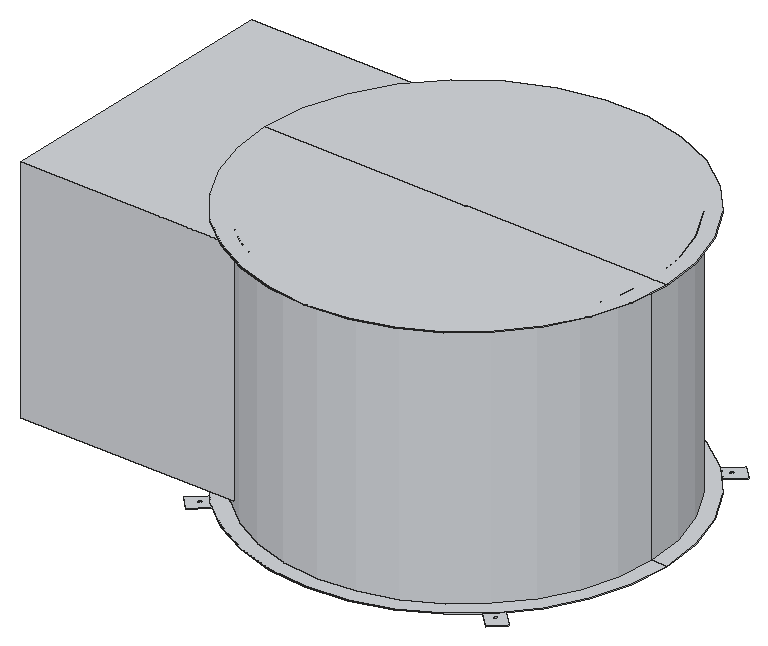
Revit family "AFB-C_Upblast_Floor_Mount", category Mechanical Equipment, Revit 2019
Family settings
  Round Connector Dimension = Use Radius
  Part Type = Normal
  Work Plane-Based = No
  Always vertical = Yes
  Cut with Voids When Loaded = No
  Shared = No
  Room Calculation Point = No
Parameters (values of type "60_AFB-C_UPBLAST_FLOOR")
  Unit Weight [instance] = ""
  ModelID [instance] = ""
  L/2 = L / 2  # 2' - 0 17/32"
  L = 4' - 1 1/16"
  K/2 = K / 2  # 0' - 0 7/32"
  K = 0' - 0 7/16"
  J/2 = J / 2  # 2' - 10 11/16"
  Accessories [instance] = ""
  45 = 45.00°  # constant formula
  (L-1")/2 = (L - 0' 1") / 2  # 2' - 0 1/32"
  (J+(J-A))/2 = (J + ((J - A) / 2)) / 2  # 3' - 0 11/16"
  J = 5' - 9 3/8"
  CENTER = 0' - 0"  # constant formula
  H-(A/2) = H - (A / 2)  # 2' - 0 1/16"
  H+J = H + CENTER  # 4' - 6 3/4"
  H = 4' - 6 3/4"
  Sones [instance] = ""
  Motor RPM [instance] = ""
  Motor Enclosure [instance] = ""
  LwA [instance] = ""
  G = 12' - 0"
  Fan RPM [instance] = ""
  F/2 = F / 2  # 0' - 1 1/2"
  F = 0' - 3"
  E/2 = E / 2  # 1' - 9"
  E-2" = E - 0' 2"  # 3' - 4"
  E = 3' - 6"
  C/2+J = C / 2 + CENTER  # 2' - 7 13/16"
  C/2 = C / 2  # 2' - 7 13/16"
  C = 5' - 3 5/8"
  B/2 = B / 2  # 2' - 9 3/8"
  B = 5' - 6 3/4"
  A/3 = A / 2.5  # 2' - 0.55"
  A/2 = A / 2  # 2' - 6 11/16"
  A = 5' - 1 3/8"
  60 = 60.00°  # constant formula
  30 = 30.00°  # constant formula
  3" = 0' - 3"  # constant formula
  Brake Hp [instance] = ""
  4" = 0' - 4"  # constant formula
  2' = 2' - 0"
  2" = 0' - 2"  # constant formula
  1" = 0' - 1"  # constant formula
  0 = 0' - 0"  # constant formula
  Voltage [instance] = 0 V
  URL = "www.lorencook.com"
  Type Comments = "Tube Axial Fan Upblast Floor Mount Belt Drive Arrangement 9"  # constant formula
  Static Pressure [instance] = 0.00 in-wg
  Power [instance] = Voltage * Motor FLA * sqrt(if(Phase = 3, 3, 1))  # 0 VA
  Phase [instance] = 0
  Number of Poles [instance] = 1
  Motor Hp [instance] = "0"
  Motor FLA [instance] = 0 A
  Model = "AFB-C"  # constant formula
  Manufacturer = "Loren Cook Company"
  CFM [instance] = 0 CFM
  1.5 = 0' - 1 1/2"  # constant formula
  ONE EIGTH = 0' - 0 1/8"  # constant formula
  -E/2 = -E / 2  # -1' - 9"
  -(E-.25")/2 = -(E - 0' 0 1/4") / 2  # -1' - 8 7/8"
  (K/2)-((J-A-.25")/2) = (K / 2) - ((J - A - 0' 0 1/4") / 2)  # -0' - 3 21/32"
  (J-A-.25") = (J - A - 0' 0 1/4")  # 0' - 7 3/4"
  (H-(A/2))/2 = (H - (A / 2)) / 2  # 1' - 0 1/32"
  (E-.25")/2 = (E - 0' 0 1/4") / 2  # 1' - 8 7/8"
  (A+.25")/2 = (A + 0' 0 1/4") / 2  # 2' - 6 13/16"
Types (12): name | L/2 | L | K/2 | K | J/2 | (L-1")/2 | (J+(J-A))/2 | J | H-(A/2) | H+J | H | G | F/2 | F | E/2 | E-2" | E | C/2+J | C/2 | C | B/2 | B | A/3 | A/2 | A | -E/2 | -(E-.25")/2 | (K/2)-((J-A-.25")/2) | (J-A-.25") | (H-(A/2))/2 | (E-.25")/2 | (A+.25")/2
  (no name) | 2' - 0 17/32" | 4' - 1 1/16" | 0' - 0 7/32" | 0' - 0 7/16" | 2' - 10 11/16" | 2' - 0 1/32" | 3' - 0 11/16" | 5' - 9 3/8" | 2' - 0 1/16" | 4' - 6 3/4" | 4' - 6 3/4" | 12' - 0" | 0' - 1 1/2" | 0' - 3" | 1' - 9" | 3' - 4" | 3' - 6" | 2' - 7 13/16" | 2' - 7 13/16" | 5' - 3 5/8" | 2' - 9 3/8" | 5' - 6 3/4" | 2' - 0.55" | 2' - 6 11/16" | 5' - 1 3/8" | -1' - 9" | -1' - 8 7/8" | -0' - 3 21/32" | 0' - 7 3/4" | 1' - 0 1/32" | 1' - 8 7/8" | 2' - 6 13/16"
  12_AFB-C_UPBLAST_FLOOR | 0' - 6 3/8" | 1' - 0 3/4" | 0' - 0 3/16" | 0' - 0 3/8" | 0' - 9 1/32" | 0' - 5 7/8" | 0' - 10 21/64" | 1' - 6 1/16" | 1' - 6 3/16" | 2' - 0 5/8" | 2' - 0 5/8" | 6' - 0" | 0' - 0 5/32" | 0' - 0 5/16" | 0' - 11" | 1' - 8" | 1' - 10" | 0' - 7 5/16" | 0' - 7 5/16" | 1' - 2 5/8" | 0' - 7 13/16" | 1' - 3 5/8" | 0' - 5.15" | 0' - 6 7/16" | 1' - 0 7/8" | -0' - 11" | -0' - 10 7/8" | -0' - 2 9/32" | 0' - 4 15/16" | 0' - 9 3/32" | 0' - 10 7/8" | 0' - 6 9/16"
  16_AFB-C_UPBLAST_FLOOR | 0' - 7 13/16" | 1' - 3 5/8" | 0' - 0 3/16" | 0' - 0 3/8" | 0' - 11 1/32" | 0' - 7 5/16" | 1' - 0 21/64" | 1' - 10 1/16" | 1' - 9 11/16" | 2' - 6 1/8" | 2' - 6 1/8" | 6' - 0" | 0' - 0 5/32" | 0' - 0 5/16" | 1' - 0 1/2" | 1' - 11" | 2' - 1" | 0' - 9 5/16" | 0' - 9 5/16" | 1' - 6 5/8" | 0' - 9 13/16" | 1' - 7 5/8" | 0' - 6 3/4" | 0' - 8 7/16" | 1' - 4 7/8" | -1' - 0 1/2" | -1' - 0 3/8" | -0' - 2 9/32" | 0' - 4 15/16" | 0' - 10 27/32" | 1' - 0 3/8" | 0' - 8 9/16"
  18_AFB-C_UPBLAST_FLOOR | 0' - 8 1/2" | 1' - 5" | 0' - 0 3/16" | 0' - 0 3/8" | 1' - 0 1/32" | 0' - 8" | 1' - 1 21/64" | 2' - 0 1/16" | 1' - 9 11/16" | 2' - 7 1/8" | 2' - 7 1/8" | 6' - 0" | 0' - 0 5/32" | 0' - 0 5/16" | 1' - 0 1/2" | 1' - 11" | 2' - 1" | 0' - 10 5/16" | 0' - 10 5/16" | 1' - 8 5/8" | 0' - 10 13/16" | 1' - 9 5/8" | 0' - 7.55" | 0' - 9 7/16" | 1' - 6 7/8" | -1' - 0 1/2" | -1' - 0 3/8" | -0' - 2 9/32" | 0' - 4 15/16" | 0' - 10 27/32" | 1' - 0 3/8" | 0' - 9 9/16"
  24_AFB-C_UPBLAST_FLOOR | 0' - 10 7/8" | 1' - 9 3/4" | 0' - 0 3/16" | 0' - 0 3/8" | 1' - 3 13/32" | 0' - 10 3/8" | 1' - 4 57/64" | 2' - 6 13/16" | 2' - 3 7/16" | 3' - 3 7/8" | 3' - 3 7/8" | 6' - 0" | 0' - 0 7/32" | 0' - 0 7/16" | 1' - 3 1/2" | 2' - 5" | 2' - 7" | 1' - 1 7/16" | 1' - 1 7/16" | 2' - 2 7/8" | 1' - 2 9/16" | 2' - 5 1/8" | 0' - 9.95" | 1' - 0 7/16" | 2' - 0 7/8" | -1' - 3 1/2" | -1' - 3 3/8" | -0' - 2 21/32" | 0' - 5 11/16" | 1' - 1 23/32" | 1' - 3 3/8" | 1' - 0 9/16"
  28_AFB-C_UPBLAST_FLOOR | 1' - 0 5/16" | 2' - 0 5/8" | 0' - 0 3/16" | 0' - 0 3/8" | 1' - 5 13/32" | 0' - 11 13/16" | 1' - 6 57/64" | 2' - 10 13/16" | 2' - 3 7/16" | 3' - 5 7/8" | 3' - 5 7/8" | 6' - 0" | 0' - 0 7/32" | 0' - 0 7/16" | 1' - 3 1/2" | 2' - 5" | 2' - 7" | 1' - 3 7/16" | 1' - 3 7/16" | 2' - 6 7/8" | 1' - 4 9/16" | 2' - 9 1/8" | 0' - 11.55" | 1' - 2 7/16" | 2' - 4 7/8" | -1' - 3 1/2" | -1' - 3 3/8" | -0' - 2 21/32" | 0' - 5 11/16" | 1' - 1 23/32" | 1' - 3 3/8" | 1' - 2 9/16"
  32_AFB-C_UPBLAST_FLOOR | 1' - 2 1/8" | 2' - 4 1/4" | 0' - 0 7/32" | 0' - 0 7/16" | 1' - 7 31/32" | 1' - 1 5/8" | 1' - 9 45/64" | 3' - 3 15/16" | 2' - 4 3/4" | 3' - 9 1/4" | 3' - 9 1/4" | 6' - 0" | 0' - 0 7/32" | 0' - 0 7/16" | 1' - 5" | 2' - 8" | 2' - 10" | 1' - 5 1/2" | 1' - 5 1/2" | 2' - 11" | 1' - 6 5/8" | 3' - 1 1/4" | 1' - 1.2" | 1' - 4 1/2" | 2' - 9" | -1' - 5" | -1' - 4 7/8" | -0' - 3 1/8" | 0' - 6 11/16" | 1' - 2 3/8" | 1' - 4 7/8" | 1' - 4 5/8"
  36_AFB-C_UPBLAST_FLOOR | 1' - 3 17/32" | 2' - 7 1/16" | 0' - 0 7/32" | 0' - 0 7/16" | 1' - 9 31/32" | 1' - 3 1/32" | 1' - 11 45/64" | 3' - 7 15/16" | 2' - 4 3/4" | 3' - 11 1/4" | 3' - 11 1/4" | 6' - 0" | 0' - 0 7/32" | 0' - 0 7/16" | 1' - 5" | 2' - 8" | 2' - 10" | 1' - 7 1/2" | 1' - 7 1/2" | 3' - 3" | 1' - 8 11/16" | 3' - 5 3/8" | 1' - 2.8" | 1' - 6 1/2" | 3' - 1" | -1' - 5" | -1' - 4 7/8" | -0' - 3 1/8" | 0' - 6 11/16" | 1' - 2 3/8" | 1' - 4 7/8" | 1' - 6 5/8"
  44_AFB-C_UPBLAST_FLOOR | 1' - 6 3/8" | 3' - 0 3/4" | 0' - 0 7/32" | 0' - 0 7/16" | 2' - 2" | 1' - 5 7/8" | 2' - 3 3/4" | 4' - 4" | 3' - 0 1/4" | 4' - 10 3/4" | 4' - 10 3/4" | 12' - 0" | 0' - 0 7/32" | 0' - 0 7/16" | 1' - 9" | 3' - 4" | 3' - 6" | 1' - 11 3/4" | 1' - 11 3/4" | 3' - 11 1/2" | 2' - 0 11/16" | 4' - 1 3/8" | 1' - 6" | 1' - 10 1/2" | 3' - 9" | -1' - 9" | -1' - 8 7/8" | -0' - 3 5/32" | 0' - 6 3/4" | 1' - 6 1/8" | 1' - 8 7/8" | 1' - 10 5/8"
  48_AFB-C_UPBLAST_FLOOR | 1' - 8 3/16" | 3' - 4 3/8" | 0' - 0 7/32" | 0' - 0 7/16" | 2' - 4 9/16" | 1' - 7 11/16" | 2' - 6 9/16" | 4' - 9 1/8" | 3' - 0 3/16" | 5' - 0 3/4" | 5' - 0 3/4" | 12' - 0" | 0' - 0 7/32" | 0' - 0 7/16" | 1' - 9" | 3' - 4" | 3' - 6" | 2' - 1 13/16" | 2' - 1 13/16" | 4' - 3 5/8" | 2' - 2 3/4" | 4' - 5 1/2" | 1' - 7.65" | 2' - 0 9/16" | 4' - 1 1/8" | -1' - 9" | -1' - 8 7/8" | -0' - 3 21/32" | 0' - 7 3/4" | 1' - 6 3/32" | 1' - 8 7/8" | 2' - 0 11/16"
  54_AFB-C_UPBLAST_FLOOR | 1' - 10 1/2" | 3' - 9" | 0' - 0 7/32" | 0' - 0 7/16" | 2' - 7 13/16" | 1' - 10" | 2' - 9 7/8" | 5' - 3 5/8" | 2' - 0 1/16" | 4' - 3 3/4" | 4' - 3 3/4" | 12' - 0" | 0' - 0 7/32" | 0' - 0 7/16" | 1' - 9" | 3' - 4" | 3' - 6" | 2' - 4 13/16" | 2' - 4 13/16" | 4' - 9 5/8" | 2' - 6 3/8" | 5' - 0 3/4" | 1' - 10.15" | 2' - 3 11/16" | 4' - 7 3/8" | -1' - 9" | -1' - 8 7/8" | -0' - 3 25/32" | 0' - 8" | 1' - 0 1/32" | 1' - 8 7/8" | 2' - 3 13/16"
  60_AFB-C_UPBLAST_FLOOR | 2' - 0 17/32" | 4' - 1 1/16" | 0' - 0 7/32" | 0' - 0 7/16" | 2' - 10 11/16" | 2' - 0 1/32" | 3' - 0 11/16" | 5' - 9 3/8" | 2' - 0 1/16" | 4' - 6 3/4" | 4' - 6 3/4" | 12' - 0" | 0' - 1 1/2" | 0' - 3" | 1' - 9" | 3' - 4" | 3' - 6" | 2' - 7 13/16" | 2' - 7 13/16" | 5' - 3 5/8" | 2' - 9 3/8" | 5' - 6 3/4" | 2' - 0.55" | 2' - 6 11/16" | 5' - 1 3/8" | -1' - 9" | -1' - 8 7/8" | -0' - 3 21/32" | 0' - 7 3/4" | 1' - 0 1/32" | 1' - 8 7/8" | 2' - 6 13/16"
Reference planes (in)
  plane 1 "Center (Front/Back)": y = 0
  plane 2: z = 0
  plane 3 "Center (Left/Right)": x = 0.40541
Forms (in)
  Revolve 1, solid
    sketch origin (0, 0, 0) x (1, 0, 0) y (0, 0, 1)
      loop
        line (0.40541, -21) -> (33.78041, -21) -> (33.78041, -20.875) -> (31.21791, -20.875) -> (31.21791, 20.875) -> (33.78041, 20.875) -> (33.78041, 21) -> (0.40541, 21) -> (0.40541, -21)
      axis (0.40541, -21) -> (0.40541, 21)
    angle from 0 to 360
  Extrusion 2, solid
    sketch origin (0.40541, 0, 20.875) x (1, 0, 0) y (0, -1, 0)
      loop
        arc (-19.28495, -24.03125) -> (-30.8125, 0) -> (-19.28495, 24.03125) r 30.8125
        line (-19.28495, 24.03125) -> (-54.75, 24.03125) -> (-54.75, -24.03125) -> (-19.28495, -24.03125)
    from 40 <- "E-2"" to 2
  Extrusion 3, void
    sketch origin (0, 0, 0) x (1, 0, 0) y (0, 1, 0)
      loop
        circle (0.40541, 0) r 0.125
    from -21 <- "-E/2" to 21 <- "E/2"
  Extrusion 4, solid
    sketch origin (0.40541, 0, -20.875) x (1, 0, 0) y (0, 1, 0)
      loop
        arc (-24.85963, 26.98095) -> (-25.94198, 25.94198) -> (-26.98095, 24.85963) r 36.6875
        line (-26.98095, 24.85963) -> (-24.6365, 22.51518)
        arc (-24.6365, 22.51518) -> (-23.59969, 23.59969) -> (-22.51518, 24.6365) r 33.375
        line (-22.51518, 24.6365) -> (-24.85963, 26.98095)
      loop
        arc (24.85963, -26.98095) -> (25.94198, -25.94198) -> (26.98095, -24.85963) r 36.6875
        line (26.98095, -24.85963) -> (24.6365, -22.51518)
        arc (24.6365, -22.51518) -> (23.59969, -23.59969) -> (22.51518, -24.6365) r 33.375
        line (22.51518, -24.6365) -> (24.85963, -26.98095)
      loop
        arc (-26.98095, -24.85963) -> (-25.94198, -25.94198) -> (-24.85963, -26.98095) r 36.6875
        line (-24.85963, -26.98095) -> (-22.51518, -24.6365)
        arc (-22.51518, -24.6365) -> (-23.59969, -23.59969) -> (-24.6365, -22.51518) r 33.375
        line (-24.6365, -22.51518) -> (-26.98095, -24.85963)
      loop
        arc (26.98095, 24.85963) -> (25.94198, 25.94198) -> (24.85963, 26.98095) r 36.6875
        line (24.85963, 26.98095) -> (22.51518, 24.6365)
        arc (22.51518, 24.6365) -> (23.59969, 23.59969) -> (24.6365, 22.51518) r 33.375
        line (24.6365, 22.51518) -> (26.98095, 24.85963)
    from 0 to -0.125
  Extrusion 5, void
    sketch origin (0, 0, 0) x (1, 0, 0) y (0, 1, 0)
      loop
        circle (24.93666, 24.53125) r 0.21875
      loop
        circle (-24.12584, 24.53125) r 0.21875
      loop
        circle (-24.12584, -24.53125) r 0.21875
      loop
        circle (24.93666, -24.53125) r 0.21875
    from 21 <- "E/2" to -21 <- "-E/2"
Cuts and joins
  Extrusion 3, Extrusion 5 cuts Revolve 1
  Extrusion 3, Extrusion 5 cuts Extrusion 2
  Extrusion 5 cuts Extrusion 4
Dimensions and locks (in)
  "0": Revolve 1 sketch curve to plane 3 "Center (Left/Right)"  (x2)
  "(A+.25")/2": Revolve 1 sketch curve to plane 3 "Center (Left/Right)"
  "B/2": Revolve 1 sketch curve to plane 3 "Center (Left/Right)"  (x2)
  "ONE EIGTH": Revolve 1 sketch curve to Revolve 1 sketch curve  (x2)
  "E": Revolve 1 sketch curve to Revolve 1 sketch curve
  "E/2": level to Revolve 1 sketch curve
  "H": Extrusion 2 sketch curve to plane 3 "Center (Left/Right)"
  "(L-1")/2": Extrusion 2 sketch curve to plane 1 "Center (Front/Back)"  (x2)
  "0": Extrusion 2 sketch curve to plane 3 "Center (Left/Right)"
  "0": Extrusion 2 sketch curve to plane 1 "Center (Front/Back)"
  "0": Extrusion 3 sketch curve to plane 3 "Center (Left/Right)"
  "0": plane 1 "Center (Front/Back)" to Extrusion 3 sketch curve
  "0": Extrusion 4 sketch curve to plane 3 "Center (Left/Right)"  (x8)
  "0": Extrusion 4 sketch curve to plane 1 "Center (Front/Back)"  (x8)
  "1.5": plane 3 "Center (Left/Right)" to Extrusion 4 sketch curve  (x3)
  "3"": Extrusion 4 sketch curve to Extrusion 4 sketch curve  (x4)
  "1.5": Extrusion 4 sketch curve to plane 3 "Center (Left/Right)"
  "L/2": plane 3 "Center (Left/Right)" to Extrusion 5 sketch curve  (x4)
  "L/2": plane 1 "Center (Front/Back)" to Extrusion 5 sketch curve  (x4)
  "(A+.25")/2": radius of Extrusion 2 sketch curve
  "ONE EIGTH": radius of Extrusion 3 sketch curve
  "(J+(J-A))/2": radius of Extrusion 4 sketch curve  (x4)
  "B/2": radius of Extrusion 4 sketch curve  (x4)
  "K/2": radius of Extrusion 5 sketch curve  (x4)
  "45": angle Extrusion 4 sketch curve to plane 3 "Center (Left/Right)"
  "45": angle Extrusion 4 sketch curve to plane 1 "Center (Front/Back)"  (x2)
  "45": angle plane 1 "Center (Front/Back)" to Extrusion 4 sketch curve
Automatic sketch dimensions
  Revolve 1 sketch curve to Revolve 1 sketch curve = 0' - 0"
  Revolve 1 sketch curve to Revolve 1 sketch curve = 1' - 6"
  Extrusion 2 sketch curve to Extrusion 2 sketch curve = 0' - 0"
Connectors (in)
  electrical at (-36.61206, -24.03125, -0.125)
    settings: on Extrusion 2, index 1, voltage 0 V, apparent load 0 VA, apparent load phase1 0 VA, apparent load phase2 0 VA, apparent load phase3 0 VA, power factor 1, load classification "Other", number of poles 1, system type 30, power factor state 1, is connector primary yes, connector utility no, sub classification motor no, connector description ""
  hvac at (0.40541, 0, 20.875), driven by "A/2"
    settings: on Revolve 1, index 2, duct flow 0 CFM, flow factor 0, pres drop 0.00 in-wg, loss coef 0, conn angle 0.00°, conn width 12", conn height 12", conn diameter 61 3/8", duct sys type 29, conn prof type 0, flow config 0, flow direction 2, loss method 0, conn ref index -1, conn util no, is conn primary yes, conn desc ""
  hvac at (0.40541, 0, -21), driven by "A/2"
    settings: on cut or joined group of Revolve 1, Extrusion 3, Extrusion 5, index 4, duct flow 0 CFM, flow factor 0, pres drop 0.00 in-wg, loss coef 0, conn angle 0.00°, conn width 12", conn height 12", conn diameter 61 3/8", duct sys type 29, conn prof type 0, flow config 0, flow direction 1, loss method 0, conn ref index -1, conn util no, is conn primary no, conn desc ""
